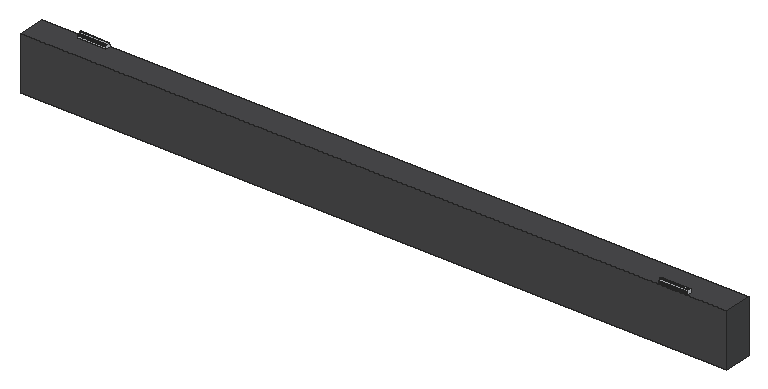
Revit family "STRIPE BLOCK RAIL 964_DTM40U.9.2.90", category Luminarias, Revit 2019
Family settings
  Cota de conector redondo = Diámetro de uso
  Tipo de pieza = Normal
  Se basa en plano de trabajo = Sí
  Siempre vertical = Sí
  Corte con vacíos al cargar = No
  Origen de luz = Sí
  Compartido = No
  Punto de cálculo de habitación = No
Parameters (values of type "STRIPE BLOCK RAIL 964_DTM40W.9.2.90")
  Ángulo de inclinación = 60.00°
  Ángulo de enfoque = 90.00°
  Ángulo de campo de foco = 90.00°
  Zone [instance] = ""
  Watt per fixture = 40
  Wattage = 40 W
  built-in parameter 1150107 = 3000 (stored number, unit not read)
  built-in parameter 1150110 = 1 (stored number, unit not read)
  built-in parameter 1150109 = 1 (stored number, unit not read)
  built-in parameter 1150112 = 1 (stored number, unit not read)
  built-in parameter 1150113 = 1 (stored number, unit not read)
  built-in parameter 1114218 = 1 (stored number, unit not read)
  Keynote = ""
  built-in parameter 1150137 = (empty or 0)
  built-in parameter 1150132 = (empty or 0)
  Modelo = "DTM40W.9.2.90"
  Lámpara = "2835SMD SAMSUNG"
  Light Source Symbol Length = 3048 mm
  built-in parameter 1150105 = 2363.5 (stored number, unit not read)
  built-in parameter 1150102 = (empty or 0)
  built-in parameter 1150106 = 23.635 (stored number, unit not read)
  Lumens = 3200 lm
  Color Filter = 16777215
  built-in parameter 1114217 = 1 (stored number, unit not read)
  built-in parameter 1150139 = (empty or 0)
  Fabricante = "BRILLANT"
  Default Elevation = 1219.2 mm
  built-in parameter 1150104 = 7.4322 (stored number, unit not read)
  Descripción = "LUMINARIA DOWNLIGHT EN FORMATO RECTANGULAR COMPATIBLE CON RIEL DE 6 ENTRADAS Y 3 CIRCUITOS, CUERPO DE ALUMINIO ACABADO EN COLOR NEGRO, IP 20, PESO 1.88Kg, TIPO DE LED 2835SMD SAMSUNG CON 40W TOTAL, 3100 LUMENES, 80LM/W, IRC 90, TEMPERATURA EN BLANCO CALIDO 3000K, 50 MIL HORAS DE VIDA PROMEDIO, APERTURA DE 90 GRADOS POR STOCK, ALIMENTADO A 90-240V"
  built-in parameter 1150115 = 1 (stored number, unit not read)
  built-in parameter 1150114 = 1 (stored number, unit not read)
  Comentarios de vataje = "90-240V"
  built-in parameter 1150138 = (empty or 0)
  built-in parameter 1150134 = (empty or 0)
  Circuit [instance] = ""
  Dimming Lamp Color Temperature Shift = (empty or 0)
  Longitud de símbolo de origen de luz = 3048 mm
Types (3, lengths in mm): name | built-in parameter 1150107 | Modelo | built-in parameter 1150105 | built-in parameter 1150106 | Lumens | built-in parameter 1150104 | Descripción | built-in parameter 1150134
  STRIPE BLOCK RAIL 964_DTM40U.9.2.90 | 2700 (stored number, unit not read) | "DTM40U.9.2.90" | 2334 (stored number, unit not read) | 23.34 (stored number, unit not read) | 3160 lm | 7.3393 (stored number, unit not read) | "LUMINARIA DOWNLIGHT EN FORMATO RECTANGULAR COMPATIBLE CON RIEL DE 6 ENTRADAS Y 3 CIRCUITOS, CUERPO DE ALUMINIO ACABADO EN COLOR NEGRO, IP 20, PESO 1.88Kg, TIPO DE LED 2835SMD SAMSUNG CON 40W TOTAL, 3050 LUMENES, 79LM/W, IRC 90, TEMPERATURA EN BLANCO CALIDO 2700K, 50 MIL HORAS DE VIDA PROMEDIO, APERTURA DE 90 GRADOS POR STOCK, ALIMENTADO A 90-240V" | (empty or 0)
  STRIPE BLOCK RAIL 964_DTM40W.9.2.90 | 3000 (stored number, unit not read) | "DTM40W.9.2.90" | 2363.5 (stored number, unit not read) | 23.635 (stored number, unit not read) | 3200 lm | 7.4322 (stored number, unit not read) | "LUMINARIA DOWNLIGHT EN FORMATO RECTANGULAR COMPATIBLE CON RIEL DE 6 ENTRADAS Y 3 CIRCUITOS, CUERPO DE ALUMINIO ACABADO EN COLOR NEGRO, IP 20, PESO 1.88Kg, TIPO DE LED 2835SMD SAMSUNG CON 40W TOTAL, 3100 LUMENES, 80LM/W, IRC 90, TEMPERATURA EN BLANCO CALIDO 3000K, 50 MIL HORAS DE VIDA PROMEDIO, APERTURA DE 90 GRADOS POR STOCK, ALIMENTADO A 90-240V" | (empty or 0)
  STRIPE BLOCK RAIL 964_DTM40N.9.2.90 | 4000 (stored number, unit not read) | "DTM40N.9.2.90" | 2393.1 (stored number, unit not read) | 23.931 (stored number, unit not read) | 3240 lm | 7.5251 (stored number, unit not read) | "LUMINARIA DOWNLIGHT EN FORMATO RECTANGULAR COMPATIBLE CON RIEL DE 6 ENTRADAS Y 3 CIRCUITOS, CUERPO DE ALUMINIO ACABADO EN COLOR NEGRO, IP 20, PESO 1.88Kg, TIPO DE LED 2835SMD SAMSUNG CON 40W TOTAL, 3150 LUMENES, 81LM/W, IRC 90, TEMPERATURA EN BLANCO FRIO 4000K, 50 MIL HORAS DE VIDA PROMEDIO, APERTURA DE 90 GRADOS POR STOCK, ALIMENTADO A 90-240V" | 12
Reference planes
  plane 1 "Centro (Frontal/Posterior)": y = 0
  plane 2: z = 0
  plane 3 "Centro (Izquierda/Derecha)": x = 0
Forms (mm)
  Extrusion 1, solid, material "Default Form"
    sketch origin (0, 0, 0) x (1, 0, 0) y (0, 0, 1)
      loop
        line (-482, 0) -> (-482, -72) -> (482, -72) -> (482, 0) -> (-482, 0)
    from -18.326 to 18.326
  Blend 2, void
    base sketch origin (0, 0, 0) x (1, 0, 0) y (0, 1, 0)
      loop
        line (-478.24, 16.149) -> (-478.24, -16.149) -> (479.605, -16.149) -> (479.605, 16.149) -> (-478.24, 16.149)
    top sketch origin (0, 0, 0) x (1, 0, 0) y (0, 1, 0)
      loop
        line (-474.77, 12.149) -> (-474.77, -12.149) -> (476.562, -12.149) -> (476.562, 12.149) -> (-474.77, 12.149)
    from -72 to -61.591
  Extrusion 3, solid
    sketch origin (-300, 0, 3.217) x (0, -1, 0) y (0, 0, 1)
      loop
        line (-12.149, -3.217) -> (-12.149, 0) -> (-12.935, 0) -> (-12.935, 1.637) -> (-13.796, 1.637) -> (-13.796, 0) -> (-14.582, 0) -> (-14.582, 0.811) -> (-15.443, 0.811) -> (-15.443, 0) -> (-16.233, 0) -> (-16.233, 2.691) -> (-17.279, 2.691) -> (-17.279, 0) -> (-18.061, 0) -> (-18.061, -0.861) -> (-17.162, -0.861) -> (-17.162, -2.042) -> (-18.326, -2.042) -> (-18.326, -3.217) -> (-12.149, -3.217)
    from 89.098 to 128.24
  Extrusion 4, solid, material "Cristal"
    sketch origin (0, 0, 0) x (1, 0, 0) y (0, 1, 0)
      loop
        line (-478.24, 16.149) -> (-478.24, -16.149) -> (479.605, -16.149) -> (479.605, 16.149) -> (-478.24, 16.149)
    from -71.747 to -71.525
  Extrusion 5, solid
    sketch origin (300, 0, 3.217) x (0, 1, 0) y (0, 0, 1)
      loop
        line (-12.149, -3.217) -> (-12.149, 0) -> (-12.935, 0) -> (-12.935, 1.637) -> (-13.796, 1.637) -> (-13.796, 0) -> (-14.582, 0) -> (-14.582, 0.811) -> (-15.443, 0.811) -> (-15.443, 0) -> (-16.233, 0) -> (-16.233, 2.691) -> (-17.279, 2.691) -> (-17.279, 0) -> (-18.061, 0) -> (-18.061, -0.861) -> (-17.162, -0.861) -> (-17.162, -2.042) -> (-18.326, -2.042) -> (-18.326, -3.217) -> (-12.149, -3.217)
    from 89.098 to 128.24
Cuts and joins
  Blend 2 cuts Extrusion 1
Dimensions and locks
  equal spacing: Extrusion 1, plane 1 "Centro (Frontal/Posterior)", Extrusion 1
  Extrusion 1 to plane 1 "Centro (Frontal/Posterior)" = 18.326 mm
  Extrusion 1 to Extrusion 1 = 36.651 mm
  Extrusion 1 to Extrusion 1 = 72 mm
  Extrusion 1 to Extrusion 1 = 964 mm
  cut or joined group of Extrusion 1, Blend 2 to cut or joined group of Extrusion 1, Blend 2 = 72 mm
  cut or joined group of Extrusion 1, Blend 2 to cut or joined group of Extrusion 1, Blend 2 = 36.651 mm
  cut or joined group of Extrusion 1, Blend 2 to cut or joined group of Extrusion 1, Blend 2 = 964 mm
  equal spacing: cut or joined group of Extrusion 1, Blend 2, plane 1 "Centro (Frontal/Posterior)", cut or joined group of Extrusion 1, Blend 2
  aligned and locked: level to plane 2
  aligned and locked: Extrusion 4 sketch curve to cut or joined group of Extrusion 1, Blend 2  (x2)
Automatic sketch dimensions
  Extrusion 1 sketch curve to level = 0 mm
  Extrusion 1 sketch curve to level = 72 mm
  Extrusion 1 sketch curve to plane 3 "Centro (Izquierda/Derecha)" = 482 mm
  plane 3 "Centro (Izquierda/Derecha)" to Extrusion 1 sketch curve = 482 mm
  Blend 2 sketch curve to plane 1 "Centro (Frontal/Posterior)" = 16.149 mm
  Blend 2 sketch curve to plane 3 "Centro (Izquierda/Derecha)" = 478.24 mm
  plane 1 "Centro (Frontal/Posterior)" to Blend 2 sketch curve = 16.149 mm
  plane 3 "Centro (Izquierda/Derecha)" to Blend 2 sketch curve = 479.605 mm
  Blend 2 sketch curve to plane 1 "Centro (Frontal/Posterior)" = 12.149 mm
  Blend 2 sketch curve to plane 3 "Centro (Izquierda/Derecha)" = 474.77 mm
  plane 1 "Centro (Frontal/Posterior)" to Blend 2 sketch curve = 12.149 mm
  plane 3 "Centro (Izquierda/Derecha)" to Blend 2 sketch curve = 476.562 mm
  Extrusion 3 sketch curve to level = 0 mm
  level to Extrusion 3 sketch curve = 1.175 mm
  Extrusion 3 sketch curve to plane 1 "Centro (Frontal/Posterior)" = 18.326 mm
  Extrusion 3 sketch curve to Extrusion 3 sketch curve = 0.265 mm
  Extrusion 3 sketch curve to Extrusion 3 sketch curve = 0.782 mm
  Extrusion 3 sketch curve to Extrusion 3 sketch curve = 1.164 mm
  Extrusion 3 sketch curve to Extrusion 3 sketch curve = 1.046 mm
  Extrusion 3 sketch curve to Extrusion 3 sketch curve = 0.789 mm
  Extrusion 3 sketch curve to Extrusion 3 sketch curve = 0.861 mm  (x3)
  Extrusion 3 sketch curve to Extrusion 3 sketch curve = 0.786 mm
  Extrusion 3 sketch curve to Extrusion 3 sketch curve = 0.785 mm
  Extrusion 3 sketch curve to Extrusion 3 sketch curve = 1.181 mm
  level to Extrusion 3 sketch curve = 3.217 mm
  Extrusion 3 sketch curve to Extrusion 3 sketch curve = 0 mm  (x2)
  Extrusion 3 sketch curve to Extrusion 3 sketch curve = 0.811 mm
  Extrusion 3 sketch curve to Extrusion 3 sketch curve = 0.826 mm
  Extrusion 3 sketch curve to Extrusion 3 sketch curve = 1.88 mm
  plane 1 "Centro (Frontal/Posterior)" to Extrusion 4 sketch curve = 16.149 mm
  Extrusion 4 sketch curve to plane 1 "Centro (Frontal/Posterior)" = 16.149 mm
  Extrusion 5 sketch curve to level = 0 mm
  level to Extrusion 5 sketch curve = 1.175 mm
  plane 1 "Centro (Frontal/Posterior)" to Extrusion 5 sketch curve = 18.326 mm
  Extrusion 5 sketch curve to Extrusion 5 sketch curve = 0.265 mm
  Extrusion 5 sketch curve to Extrusion 5 sketch curve = 0.782 mm
  Extrusion 5 sketch curve to Extrusion 5 sketch curve = 1.164 mm
  Extrusion 5 sketch curve to Extrusion 5 sketch curve = 1.046 mm
  Extrusion 5 sketch curve to Extrusion 5 sketch curve = 0.789 mm
  Extrusion 5 sketch curve to Extrusion 5 sketch curve = 0.861 mm  (x3)
  Extrusion 5 sketch curve to Extrusion 5 sketch curve = 0.786 mm
  Extrusion 5 sketch curve to Extrusion 5 sketch curve = 0.785 mm
  Extrusion 5 sketch curve to Extrusion 5 sketch curve = 1.181 mm
  level to Extrusion 5 sketch curve = 3.217 mm
  Extrusion 5 sketch curve to Extrusion 5 sketch curve = 0 mm  (x2)
  Extrusion 5 sketch curve to Extrusion 5 sketch curve = 0.811 mm
  Extrusion 5 sketch curve to Extrusion 5 sketch curve = 0.826 mm
  Extrusion 5 sketch curve to Extrusion 5 sketch curve = 1.88 mm
Connectors
  electrical at (0, 0, 0)
    settings: on cut or joined group of Extrusion 1, Blend 2, index 1, voltage 240 V, apparent load 0 VA, apparent load phase1 0 VA, apparent load phase2 0 VA, apparent load phase3 0 VA, power factor 1, load classification "Otro", number of poles 1, system type 31, power factor state 1, is connector primary yes, connector utility no, sub classification motor no, connector description ""
